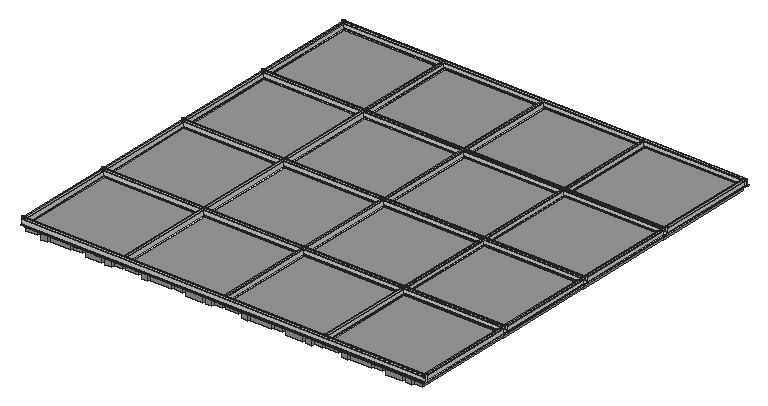
Revit family "GRD-FPG-013_TILE 003_RFA", category Modelos genéricos, Revit 2022 (continued)
Forms (in)
  Extrusion 180, solid
    sketch origin (48.02754, 154.90856, 0) x (1, 0, 0) y (0, 0, 1)
      loop
        line (0.35803, 1.68677) -> (0.39803, 1.68677)
        arc (0.39803, 1.68677) -> (0.41512, 1.67969) -> (0.42221, 1.66259) r 0.02418
      loop
        arc (0.33294, 1.7291) -> (0.34005, 1.71194) -> (0.35722, 1.70483) r 0.02428
        line (0.35722, 1.70483) -> (0.39815, 1.70483)
        arc (0.39815, 1.70483) -> (0.42797, 1.69248) -> (0.44023, 1.66266) r 0.04217
        arc (0.44023, 1.66266) -> (0.45258, 1.69248) -> (0.4824, 1.70483) r 0.04217
        line (0.4824, 1.70483) -> (0.52333, 1.70483)
        arc (0.52333, 1.70483) -> (0.54049, 1.71194) -> (0.54761, 1.7291) r 0.02428
        line (0.54761, 1.7291) -> (0.54761, 2.15016) -> (0.45704, 2.24072)
        arc (0.45704, 2.24072) -> (0.44027, 2.24767) -> (0.42351, 2.24072) r 0.02371
        line (0.42351, 2.24072) -> (0.33294, 2.15016) -> (0.33294, 1.7291)
    from 58.93614 to 81.99864
  Extrusion 181, solid
    sketch origin (72.02767, 154.90856, 0) x (1, 0, 0) y (0, 0, 1)
      loop
        line (0.42221, 1.66259) -> (0.42231, 0.67354)
        arc (0.42231, 0.67354) -> (0.41009, 0.64403) -> (0.38057, 0.6318) r 0.04174
        line (0.38057, 0.6318) -> (-0.00639, 0.6318) -> (-0.00639, 0.59057) -> (0.8874, 0.59057) -> (0.8874, 0.6318) -> (0.49998, 0.6318)
        arc (0.49998, 0.6318) -> (0.47046, 0.64403) -> (0.45824, 0.67354) r 0.04174
        line (0.45824, 0.67354) -> (0.45834, 1.66259)
        arc (0.45834, 1.66259) -> (0.46543, 1.67969) -> (0.48252, 1.68677) r 0.02418
        line (0.48252, 1.68677) -> (0.52252, 1.68677)
        arc (0.52252, 1.68677) -> (0.55303, 1.69941) -> (0.56566, 1.72991) r 0.04314
        line (0.56566, 1.72991) -> (0.56566, 2.14095)
        arc (0.56566, 2.14095) -> (0.5626, 2.15637) -> (0.55386, 2.16944) r 0.04029
        line (0.55386, 2.16944) -> (0.47053, 2.25277)
        arc (0.47053, 2.25277) -> (0.44027, 2.2653) -> (0.41002, 2.25277) r 0.04279
        line (0.41002, 2.25277) -> (0.32669, 2.16944)
        arc (0.32669, 2.16944) -> (0.31795, 2.15637) -> (0.31489, 2.14095) r 0.04029
        line (0.31489, 2.14095) -> (0.31489, 1.72991)
        arc (0.31489, 1.72991) -> (0.32752, 1.69941) -> (0.35803, 1.68677) r 0.04314
        line (0.35803, 1.68677) -> (0.39803, 1.68677)
        arc (0.39803, 1.68677) -> (0.41512, 1.67969) -> (0.42221, 1.66259) r 0.02418
      loop
        arc (0.33294, 1.7291) -> (0.34005, 1.71194) -> (0.35722, 1.70483) r 0.02428
        line (0.35722, 1.70483) -> (0.39815, 1.70483)
        arc (0.39815, 1.70483) -> (0.42797, 1.69248) -> (0.44023, 1.66266) r 0.04217
        arc (0.44023, 1.66266) -> (0.45258, 1.69248) -> (0.4824, 1.70483) r 0.04217
        line (0.4824, 1.70483) -> (0.52333, 1.70483)
        arc (0.52333, 1.70483) -> (0.54049, 1.71194) -> (0.54761, 1.7291) r 0.02428
        line (0.54761, 1.7291) -> (0.54761, 2.15016) -> (0.45704, 2.24072)
        arc (0.45704, 2.24072) -> (0.44027, 2.24767) -> (0.42351, 2.24072) r 0.02371
        line (0.42351, 2.24072) -> (0.33294, 2.15016) -> (0.33294, 1.7291)
    from 58.93614 to 81.99864
  Extrusion 182, solid
    sketch origin (96.02767, 154.90856, 0) x (1, 0, 0) y (0, 0, 1)
      loop
        line (0.42221, 1.66259) -> (0.42231, 0.67354)
        arc (0.42231, 0.67354) -> (0.41009, 0.64403) -> (0.38057, 0.6318) r 0.04174
        line (0.38057, 0.6318) -> (-0.00639, 0.6318) -> (-0.00639, 0.59057) -> (0.8874, 0.59057) -> (0.8874, 0.6318) -> (0.49998, 0.6318)
        arc (0.49998, 0.6318) -> (0.47046, 0.64403) -> (0.45824, 0.67354) r 0.04174
        line (0.45824, 0.67354) -> (0.45834, 1.66259)
        arc (0.45834, 1.66259) -> (0.46543, 1.67969) -> (0.48252, 1.68677) r 0.02418
        line (0.48252, 1.68677) -> (0.52252, 1.68677)
        arc (0.52252, 1.68677) -> (0.55303, 1.69941) -> (0.56566, 1.72991) r 0.04314
        line (0.56566, 1.72991) -> (0.56566, 2.14095)
        arc (0.56566, 2.14095) -> (0.5626, 2.15637) -> (0.55386, 2.16944) r 0.04029
        line (0.55386, 2.16944) -> (0.47053, 2.25277)
        arc (0.47053, 2.25277) -> (0.44027, 2.2653) -> (0.41002, 2.25277) r 0.04279
        line (0.41002, 2.25277) -> (0.32669, 2.16944)
        arc (0.32669, 2.16944) -> (0.31795, 2.15637) -> (0.31489, 2.14095) r 0.04029
        line (0.31489, 2.14095) -> (0.31489, 1.72991)
        arc (0.31489, 1.72991) -> (0.32752, 1.69941) -> (0.35803, 1.68677) r 0.04314
        line (0.35803, 1.68677) -> (0.39803, 1.68677)
        arc (0.39803, 1.68677) -> (0.41512, 1.67969) -> (0.42221, 1.66259) r 0.02418
      loop
        arc (0.33294, 1.7291) -> (0.34005, 1.71194) -> (0.35722, 1.70483) r 0.02428
        line (0.35722, 1.70483) -> (0.39815, 1.70483)
        arc (0.39815, 1.70483) -> (0.42797, 1.69248) -> (0.44023, 1.66266) r 0.04217
        arc (0.44023, 1.66266) -> (0.45258, 1.69248) -> (0.4824, 1.70483) r 0.04217
        line (0.4824, 1.70483) -> (0.52333, 1.70483)
        arc (0.52333, 1.70483) -> (0.54049, 1.71194) -> (0.54761, 1.7291) r 0.02428
        line (0.54761, 1.7291) -> (0.54761, 2.15016) -> (0.45704, 2.24072)
        arc (0.45704, 2.24072) -> (0.44027, 2.24767) -> (0.42351, 2.24072) r 0.02371
        line (0.42351, 2.24072) -> (0.33294, 2.15016) -> (0.33294, 1.7291)
    from 58.93614 to 81.99864
  Extrusion 183, solid
    sketch origin (24.02767, 154.90856, 0) x (1, 0, 0) y (0, 0, 1)
      loop
        line (0.42221, 1.66259) -> (0.42231, 0.67354)
        arc (0.42231, 0.67354) -> (0.41009, 0.64403) -> (0.38057, 0.6318) r 0.04174
        line (0.38057, 0.6318) -> (-0.00639, 0.6318) -> (-0.00639, 0.59057) -> (0.8874, 0.59057) -> (0.8874, 0.6318) -> (0.49998, 0.6318)
        arc (0.49998, 0.6318) -> (0.47046, 0.64403) -> (0.45824, 0.67354) r 0.04174
        line (0.45824, 0.67354) -> (0.45834, 1.66259)
        arc (0.45834, 1.66259) -> (0.46543, 1.67969) -> (0.48252, 1.68677) r 0.02418
        line (0.48252, 1.68677) -> (0.52252, 1.68677)
        arc (0.52252, 1.68677) -> (0.55303, 1.69941) -> (0.56566, 1.72991) r 0.04314
        line (0.56566, 1.72991) -> (0.56566, 2.14095)
        arc (0.56566, 2.14095) -> (0.5626, 2.15637) -> (0.55386, 2.16944) r 0.04029
        line (0.55386, 2.16944) -> (0.47053, 2.25277)
        arc (0.47053, 2.25277) -> (0.44027, 2.2653) -> (0.41002, 2.25277) r 0.04279
        line (0.41002, 2.25277) -> (0.32669, 2.16944)
        arc (0.32669, 2.16944) -> (0.31795, 2.15637) -> (0.31489, 2.14095) r 0.04029
        line (0.31489, 2.14095) -> (0.31489, 1.72991)
        arc (0.31489, 1.72991) -> (0.32752, 1.69941) -> (0.35803, 1.68677) r 0.04314
        line (0.35803, 1.68677) -> (0.39803, 1.68677)
        arc (0.39803, 1.68677) -> (0.41512, 1.67969) -> (0.42221, 1.66259) r 0.02418
      loop
        arc (0.33294, 1.7291) -> (0.34005, 1.71194) -> (0.35722, 1.70483) r 0.02428
        line (0.35722, 1.70483) -> (0.39815, 1.70483)
        arc (0.39815, 1.70483) -> (0.42797, 1.69248) -> (0.44023, 1.66266) r 0.04217
        arc (0.44023, 1.66266) -> (0.45258, 1.69248) -> (0.4824, 1.70483) r 0.04217
        line (0.4824, 1.70483) -> (0.52333, 1.70483)
        arc (0.52333, 1.70483) -> (0.54049, 1.71194) -> (0.54761, 1.7291) r 0.02428
        line (0.54761, 1.7291) -> (0.54761, 2.15016) -> (0.45704, 2.24072)
        arc (0.45704, 2.24072) -> (0.44027, 2.24767) -> (0.42351, 2.24072) r 0.02371
        line (0.42351, 2.24072) -> (0.33294, 2.15016) -> (0.33294, 1.7291)
    from 58.93614 to 81.99864
  Extrusion 184, solid
    sketch origin (0.02767, 154.90856, 0) x (1, 0, 0) y (0, 0, 1)
      loop
        line (0.42221, 1.66259) -> (0.42231, 0.67354)
        arc (0.42231, 0.67354) -> (0.41009, 0.64403) -> (0.38057, 0.6318) r 0.04174
        line (0.38057, 0.6318) -> (-0.00639, 0.6318) -> (-0.00639, 0.59057) -> (0.8874, 0.59057) -> (0.8874, 0.6318) -> (0.49998, 0.6318)
        arc (0.49998, 0.6318) -> (0.47046, 0.64403) -> (0.45824, 0.67354) r 0.04174
        line (0.45824, 0.67354) -> (0.45834, 1.66259)
        arc (0.45834, 1.66259) -> (0.46543, 1.67969) -> (0.48252, 1.68677) r 0.02418
        line (0.48252, 1.68677) -> (0.52252, 1.68677)
        arc (0.52252, 1.68677) -> (0.55303, 1.69941) -> (0.56566, 1.72991) r 0.04314
        line (0.56566, 1.72991) -> (0.56566, 2.14095)
        arc (0.56566, 2.14095) -> (0.5626, 2.15637) -> (0.55386, 2.16944) r 0.04029
        line (0.55386, 2.16944) -> (0.47053, 2.25277)
        arc (0.47053, 2.25277) -> (0.44027, 2.2653) -> (0.41002, 2.25277) r 0.04279
        line (0.41002, 2.25277) -> (0.32669, 2.16944)
        arc (0.32669, 2.16944) -> (0.31795, 2.15637) -> (0.31489, 2.14095) r 0.04029
        line (0.31489, 2.14095) -> (0.31489, 1.72991)
        arc (0.31489, 1.72991) -> (0.32752, 1.69941) -> (0.35803, 1.68677) r 0.04314
        line (0.35803, 1.68677) -> (0.39803, 1.68677)
        arc (0.39803, 1.68677) -> (0.41512, 1.67969) -> (0.42221, 1.66259) r 0.02418
      loop
        arc (0.33294, 1.7291) -> (0.34005, 1.71194) -> (0.35722, 1.70483) r 0.02428
        line (0.35722, 1.70483) -> (0.39815, 1.70483)
        arc (0.39815, 1.70483) -> (0.42797, 1.69248) -> (0.44023, 1.66266) r 0.04217
        arc (0.44023, 1.66266) -> (0.45258, 1.69248) -> (0.4824, 1.70483) r 0.04217
        line (0.4824, 1.70483) -> (0.52333, 1.70483)
        arc (0.52333, 1.70483) -> (0.54049, 1.71194) -> (0.54761, 1.7291) r 0.02428
        line (0.54761, 1.7291) -> (0.54761, 2.15016) -> (0.45704, 2.24072)
        arc (0.45704, 2.24072) -> (0.44027, 2.24767) -> (0.42351, 2.24072) r 0.02371
        line (0.42351, 2.24072) -> (0.33294, 2.15016) -> (0.33294, 1.7291)
    from 58.93614 to 81.99864
  Extrusion 185, solid
    sketch origin (48.02754, 130.90855, 0) x (1, 0, 0) y (0, 0, 1)
      loop
        line (0.42221, 1.66259) -> (0.42231, 0.67354)
        arc (0.42231, 0.67354) -> (0.41009, 0.64403) -> (0.38057, 0.6318) r 0.04174
        line (0.38057, 0.6318) -> (-0.00639, 0.6318) -> (-0.00639, 0.59057) -> (0.8874, 0.59057) -> (0.8874, 0.6318) -> (0.49998, 0.6318)
        arc (0.49998, 0.6318) -> (0.47046, 0.64403) -> (0.45824, 0.67354) r 0.04174
        line (0.45824, 0.67354) -> (0.45834, 1.66259)
        arc (0.45834, 1.66259) -> (0.46543, 1.67969) -> (0.48252, 1.68677) r 0.02418
        line (0.48252, 1.68677) -> (0.52252, 1.68677)
        arc (0.52252, 1.68677) -> (0.55303, 1.69941) -> (0.56566, 1.72991) r 0.04314
        line (0.56566, 1.72991) -> (0.56566, 2.14095)
        arc (0.56566, 2.14095) -> (0.5626, 2.15637) -> (0.55386, 2.16944) r 0.04029
        line (0.55386, 2.16944) -> (0.47053, 2.25277)
        arc (0.47053, 2.25277) -> (0.44027, 2.2653) -> (0.41002, 2.25277) r 0.04279
        line (0.41002, 2.25277) -> (0.32669, 2.16944)
        arc (0.32669, 2.16944) -> (0.31795, 2.15637) -> (0.31489, 2.14095) r 0.04029
        line (0.31489, 2.14095) -> (0.31489, 1.72991)
        arc (0.31489, 1.72991) -> (0.32752, 1.69941) -> (0.35803, 1.68677) r 0.04314
        line (0.35803, 1.68677) -> (0.39803, 1.68677)
        arc (0.39803, 1.68677) -> (0.41512, 1.67969) -> (0.42221, 1.66259) r 0.02418
      loop
        arc (0.33294, 1.7291) -> (0.34005, 1.71194) -> (0.35722, 1.70483) r 0.02428
        line (0.35722, 1.70483) -> (0.39815, 1.70483)
        arc (0.39815, 1.70483) -> (0.42797, 1.69248) -> (0.44023, 1.66266) r 0.04217
        arc (0.44023, 1.66266) -> (0.45258, 1.69248) -> (0.4824, 1.70483) r 0.04217
        line (0.4824, 1.70483) -> (0.52333, 1.70483)
        arc (0.52333, 1.70483) -> (0.54049, 1.71194) -> (0.54761, 1.7291) r 0.02428
        line (0.54761, 1.7291) -> (0.54761, 2.15016) -> (0.45704, 2.24072)
        arc (0.45704, 2.24072) -> (0.44027, 2.24767) -> (0.42351, 2.24072) r 0.02371
        line (0.42351, 2.24072) -> (0.33294, 2.15016) -> (0.33294, 1.7291)
    from 58.93614 to 81.99864
  Extrusion 186, solid
    sketch origin (72.02767, 130.90855, 0) x (1, 0, 0) y (0, 0, 1)
      loop
        line (0.42221, 1.66259) -> (0.42231, 0.67354)
        arc (0.42231, 0.67354) -> (0.41009, 0.64403) -> (0.38057, 0.6318) r 0.04174
        line (0.38057, 0.6318) -> (-0.00639, 0.6318) -> (-0.00639, 0.59057) -> (0.8874, 0.59057) -> (0.8874, 0.6318) -> (0.49998, 0.6318)
        arc (0.49998, 0.6318) -> (0.47046, 0.64403) -> (0.45824, 0.67354) r 0.04174
        line (0.45824, 0.67354) -> (0.45834, 1.66259)
        arc (0.45834, 1.66259) -> (0.46543, 1.67969) -> (0.48252, 1.68677) r 0.02418
        line (0.48252, 1.68677) -> (0.52252, 1.68677)
        arc (0.52252, 1.68677) -> (0.55303, 1.69941) -> (0.56566, 1.72991) r 0.04314
        line (0.56566, 1.72991) -> (0.56566, 2.14095)
        arc (0.56566, 2.14095) -> (0.5626, 2.15637) -> (0.55386, 2.16944) r 0.04029
        line (0.55386, 2.16944) -> (0.47053, 2.25277)
        arc (0.47053, 2.25277) -> (0.44027, 2.2653) -> (0.41002, 2.25277) r 0.04279
        line (0.41002, 2.25277) -> (0.32669, 2.16944)
        arc (0.32669, 2.16944) -> (0.31795, 2.15637) -> (0.31489, 2.14095) r 0.04029
        line (0.31489, 2.14095) -> (0.31489, 1.72991)
        arc (0.31489, 1.72991) -> (0.32752, 1.69941) -> (0.35803, 1.68677) r 0.04314
        line (0.35803, 1.68677) -> (0.39803, 1.68677)
        arc (0.39803, 1.68677) -> (0.41512, 1.67969) -> (0.42221, 1.66259) r 0.02418
      loop
        arc (0.33294, 1.7291) -> (0.34005, 1.71194) -> (0.35722, 1.70483) r 0.02428
        line (0.35722, 1.70483) -> (0.39815, 1.70483)
        arc (0.39815, 1.70483) -> (0.42797, 1.69248) -> (0.44023, 1.66266) r 0.04217
        arc (0.44023, 1.66266) -> (0.45258, 1.69248) -> (0.4824, 1.70483) r 0.04217
        line (0.4824, 1.70483) -> (0.52333, 1.70483)
        arc (0.52333, 1.70483) -> (0.54049, 1.71194) -> (0.54761, 1.7291) r 0.02428
        line (0.54761, 1.7291) -> (0.54761, 2.15016) -> (0.45704, 2.24072)
        arc (0.45704, 2.24072) -> (0.44027, 2.24767) -> (0.42351, 2.24072) r 0.02371
        line (0.42351, 2.24072) -> (0.33294, 2.15016) -> (0.33294, 1.7291)
    from 58.93614 to 81.99864
  Extrusion 187, solid
    sketch origin (96.02767, 130.90855, 0) x (1, 0, 0) y (0, 0, 1)
      loop
        line (0.42221, 1.66259) -> (0.42231, 0.67354)
        arc (0.42231, 0.67354) -> (0.41009, 0.64403) -> (0.38057, 0.6318) r 0.04174
        line (0.38057, 0.6318) -> (-0.00639, 0.6318) -> (-0.00639, 0.59057) -> (0.8874, 0.59057) -> (0.8874, 0.6318) -> (0.49998, 0.6318)
        arc (0.49998, 0.6318) -> (0.47046, 0.64403) -> (0.45824, 0.67354) r 0.04174
        line (0.45824, 0.67354) -> (0.45834, 1.66259)
        arc (0.45834, 1.66259) -> (0.46543, 1.67969) -> (0.48252, 1.68677) r 0.02418
        line (0.48252, 1.68677) -> (0.52252, 1.68677)
        arc (0.52252, 1.68677) -> (0.55303, 1.69941) -> (0.56566, 1.72991) r 0.04314
        line (0.56566, 1.72991) -> (0.56566, 2.14095)
        arc (0.56566, 2.14095) -> (0.5626, 2.15637) -> (0.55386, 2.16944) r 0.04029
        line (0.55386, 2.16944) -> (0.47053, 2.25277)
        arc (0.47053, 2.25277) -> (0.44027, 2.2653) -> (0.41002, 2.25277) r 0.04279
        line (0.41002, 2.25277) -> (0.32669, 2.16944)
        arc (0.32669, 2.16944) -> (0.31795, 2.15637) -> (0.31489, 2.14095) r 0.04029
        line (0.31489, 2.14095) -> (0.31489, 1.72991)
        arc (0.31489, 1.72991) -> (0.32752, 1.69941) -> (0.35803, 1.68677) r 0.04314
        line (0.35803, 1.68677) -> (0.39803, 1.68677)
        arc (0.39803, 1.68677) -> (0.41512, 1.67969) -> (0.42221, 1.66259) r 0.02418
      loop
        arc (0.33294, 1.7291) -> (0.34005, 1.71194) -> (0.35722, 1.70483) r 0.02428
        line (0.35722, 1.70483) -> (0.39815, 1.70483)
        arc (0.39815, 1.70483) -> (0.42797, 1.69248) -> (0.44023, 1.66266) r 0.04217
        arc (0.44023, 1.66266) -> (0.45258, 1.69248) -> (0.4824, 1.70483) r 0.04217
        line (0.4824, 1.70483) -> (0.52333, 1.70483)
        arc (0.52333, 1.70483) -> (0.54049, 1.71194) -> (0.54761, 1.7291) r 0.02428
        line (0.54761, 1.7291) -> (0.54761, 2.15016) -> (0.45704, 2.24072)
        arc (0.45704, 2.24072) -> (0.44027, 2.24767) -> (0.42351, 2.24072) r 0.02371
        line (0.42351, 2.24072) -> (0.33294, 2.15016) -> (0.33294, 1.7291)
    from 58.93614 to 81.99864
  Extrusion 188, solid
    sketch origin (24.02767, 130.90855, 0) x (1, 0, 0) y (0, 0, 1)
      loop
        line (0.42221, 1.66259) -> (0.42231, 0.67354)
        arc (0.42231, 0.67354) -> (0.41009, 0.64403) -> (0.38057, 0.6318) r 0.04174
        line (0.38057, 0.6318) -> (-0.00639, 0.6318) -> (-0.00639, 0.59057) -> (0.8874, 0.59057) -> (0.8874, 0.6318) -> (0.49998, 0.6318)
        arc (0.49998, 0.6318) -> (0.47046, 0.64403) -> (0.45824, 0.67354) r 0.04174
        line (0.45824, 0.67354) -> (0.45834, 1.66259)
        arc (0.45834, 1.66259) -> (0.46543, 1.67969) -> (0.48252, 1.68677) r 0.02418
        line (0.48252, 1.68677) -> (0.52252, 1.68677)
        arc (0.52252, 1.68677) -> (0.55303, 1.69941) -> (0.56566, 1.72991) r 0.04314
        line (0.56566, 1.72991) -> (0.56566, 2.14095)
        arc (0.56566, 2.14095) -> (0.5626, 2.15637) -> (0.55386, 2.16944) r 0.04029
        line (0.55386, 2.16944) -> (0.47053, 2.25277)
        arc (0.47053, 2.25277) -> (0.44027, 2.2653) -> (0.41002, 2.25277) r 0.04279
        line (0.41002, 2.25277) -> (0.32669, 2.16944)
        arc (0.32669, 2.16944) -> (0.31795, 2.15637) -> (0.31489, 2.14095) r 0.04029
        line (0.31489, 2.14095) -> (0.31489, 1.72991)
        arc (0.31489, 1.72991) -> (0.32752, 1.69941) -> (0.35803, 1.68677) r 0.04314
        line (0.35803, 1.68677) -> (0.39803, 1.68677)
        arc (0.39803, 1.68677) -> (0.41512, 1.67969) -> (0.42221, 1.66259) r 0.02418
      loop
        arc (0.33294, 1.7291) -> (0.34005, 1.71194) -> (0.35722, 1.70483) r 0.02428
        line (0.35722, 1.70483) -> (0.39815, 1.70483)
        arc (0.39815, 1.70483) -> (0.42797, 1.69248) -> (0.44023, 1.66266) r 0.04217
        arc (0.44023, 1.66266) -> (0.45258, 1.69248) -> (0.4824, 1.70483) r 0.04217
        line (0.4824, 1.70483) -> (0.52333, 1.70483)
        arc (0.52333, 1.70483) -> (0.54049, 1.71194) -> (0.54761, 1.7291) r 0.02428
        line (0.54761, 1.7291) -> (0.54761, 2.15016) -> (0.45704, 2.24072)
        arc (0.45704, 2.24072) -> (0.44027, 2.24767) -> (0.42351, 2.24072) r 0.02371
        line (0.42351, 2.24072) -> (0.33294, 2.15016) -> (0.33294, 1.7291)
    from 58.93614 to 81.99864
  Extrusion 189, solid
    sketch origin (0.02767, 130.90855, 0) x (1, 0, 0) y (0, 0, 1)
      loop
        line (0.42221, 1.66259) -> (0.42231, 0.67354)
        arc (0.42231, 0.67354) -> (0.41009, 0.64403) -> (0.38057, 0.6318) r 0.04174
        line (0.38057, 0.6318) -> (-0.00639, 0.6318) -> (-0.00639, 0.59057) -> (0.8874, 0.59057) -> (0.8874, 0.6318) -> (0.49998, 0.6318)
        arc (0.49998, 0.6318) -> (0.47046, 0.64403) -> (0.45824, 0.67354) r 0.04174
        line (0.45824, 0.67354) -> (0.45834, 1.66259)
        arc (0.45834, 1.66259) -> (0.46543, 1.67969) -> (0.48252, 1.68677) r 0.02418
        line (0.48252, 1.68677) -> (0.52252, 1.68677)
        arc (0.52252, 1.68677) -> (0.55303, 1.69941) -> (0.56566, 1.72991) r 0.04314
        line (0.56566, 1.72991) -> (0.56566, 2.14095)
        arc (0.56566, 2.14095) -> (0.5626, 2.15637) -> (0.55386, 2.16944) r 0.04029
        line (0.55386, 2.16944) -> (0.47053, 2.25277)
        arc (0.47053, 2.25277) -> (0.44027, 2.2653) -> (0.41002, 2.25277) r 0.04279
        line (0.41002, 2.25277) -> (0.32669, 2.16944)
        arc (0.32669, 2.16944) -> (0.31795, 2.15637) -> (0.31489, 2.14095) r 0.04029
        line (0.31489, 2.14095) -> (0.31489, 1.72991)
        arc (0.31489, 1.72991) -> (0.32752, 1.69941) -> (0.35803, 1.68677) r 0.04314
        line (0.35803, 1.68677) -> (0.39803, 1.68677)
        arc (0.39803, 1.68677) -> (0.41512, 1.67969) -> (0.42221, 1.66259) r 0.02418
      loop
        arc (0.33294, 1.7291) -> (0.34005, 1.71194) -> (0.35722, 1.70483) r 0.02428
        line (0.35722, 1.70483) -> (0.39815, 1.70483)
        arc (0.39815, 1.70483) -> (0.42797, 1.69248) -> (0.44023, 1.66266) r 0.04217
        arc (0.44023, 1.66266) -> (0.45258, 1.69248) -> (0.4824, 1.70483) r 0.04217
        line (0.4824, 1.70483) -> (0.52333, 1.70483)
        arc (0.52333, 1.70483) -> (0.54049, 1.71194) -> (0.54761, 1.7291) r 0.02428
        line (0.54761, 1.7291) -> (0.54761, 2.15016) -> (0.45704, 2.24072)
        arc (0.45704, 2.24072) -> (0.44027, 2.24767) -> (0.42351, 2.24072) r 0.02371
        line (0.42351, 2.24072) -> (0.33294, 2.15016) -> (0.33294, 1.7291)
    from 58.93614 to 81.99864
  Extrusion 190, solid
    sketch origin (48.02754, 106.90856, 0) x (1, 0, 0) y (0, 0, 1)
      loop
        line (0.42221, 1.66259) -> (0.42231, 0.67354)
        arc (0.42231, 0.67354) -> (0.41009, 0.64403) -> (0.38057, 0.6318) r 0.04174
        line (0.38057, 0.6318) -> (-0.00639, 0.6318) -> (-0.00639, 0.59057) -> (0.8874, 0.59057) -> (0.8874, 0.6318) -> (0.49998, 0.6318)
        arc (0.49998, 0.6318) -> (0.47046, 0.64403) -> (0.45824, 0.67354) r 0.04174
        line (0.45824, 0.67354) -> (0.45834, 1.66259)
        arc (0.45834, 1.66259) -> (0.46543, 1.67969) -> (0.48252, 1.68677) r 0.02418
        line (0.48252, 1.68677) -> (0.52252, 1.68677)
        arc (0.52252, 1.68677) -> (0.55303, 1.69941) -> (0.56566, 1.72991) r 0.04314
        line (0.56566, 1.72991) -> (0.56566, 2.14095)
        arc (0.56566, 2.14095) -> (0.5626, 2.15637) -> (0.55386, 2.16944) r 0.04029
        line (0.55386, 2.16944) -> (0.47053, 2.25277)
        arc (0.47053, 2.25277) -> (0.44027, 2.2653) -> (0.41002, 2.25277) r 0.04279
        line (0.41002, 2.25277) -> (0.32669, 2.16944)
        arc (0.32669, 2.16944) -> (0.31795, 2.15637) -> (0.31489, 2.14095) r 0.04029
        line (0.31489, 2.14095) -> (0.31489, 1.72991)
        arc (0.31489, 1.72991) -> (0.32752, 1.69941) -> (0.35803, 1.68677) r 0.04314
        line (0.35803, 1.68677) -> (0.39803, 1.68677)
        arc (0.39803, 1.68677) -> (0.41512, 1.67969) -> (0.42221, 1.66259) r 0.02418
      loop
        arc (0.33294, 1.7291) -> (0.34005, 1.71194) -> (0.35722, 1.70483) r 0.02428
        line (0.35722, 1.70483) -> (0.39815, 1.70483)
        arc (0.39815, 1.70483) -> (0.42797, 1.69248) -> (0.44023, 1.66266) r 0.04217
        arc (0.44023, 1.66266) -> (0.45258, 1.69248) -> (0.4824, 1.70483) r 0.04217
        line (0.4824, 1.70483) -> (0.52333, 1.70483)
        arc (0.52333, 1.70483) -> (0.54049, 1.71194) -> (0.54761, 1.7291) r 0.02428
        line (0.54761, 1.7291) -> (0.54761, 2.15016) -> (0.45704, 2.24072)
        arc (0.45704, 2.24072) -> (0.44027, 2.24767) -> (0.42351, 2.24072) r 0.02371
        line (0.42351, 2.24072) -> (0.33294, 2.15016) -> (0.33294, 1.7291)
    from 58.93614 to 81.99864
  Extrusion 191, solid
    sketch origin (72.02767, 106.90856, 0) x (1, 0, 0) y (0, 0, 1)
      loop
        line (0.42221, 1.66259) -> (0.42231, 0.67354)
        arc (0.42231, 0.67354) -> (0.41009, 0.64403) -> (0.38057, 0.6318) r 0.04174
        line (0.38057, 0.6318) -> (-0.00639, 0.6318) -> (-0.00639, 0.59057) -> (0.8874, 0.59057) -> (0.8874, 0.6318) -> (0.49998, 0.6318)
        arc (0.49998, 0.6318) -> (0.47046, 0.64403) -> (0.45824, 0.67354) r 0.04174
        line (0.45824, 0.67354) -> (0.45834, 1.66259)
        arc (0.45834, 1.66259) -> (0.46543, 1.67969) -> (0.48252, 1.68677) r 0.02418
        line (0.48252, 1.68677) -> (0.52252, 1.68677)
        arc (0.52252, 1.68677) -> (0.55303, 1.69941) -> (0.56566, 1.72991) r 0.04314
        line (0.56566, 1.72991) -> (0.56566, 2.14095)
        arc (0.56566, 2.14095) -> (0.5626, 2.15637) -> (0.55386, 2.16944) r 0.04029
        line (0.55386, 2.16944) -> (0.47053, 2.25277)
        arc (0.47053, 2.25277) -> (0.44027, 2.2653) -> (0.41002, 2.25277) r 0.04279
        line (0.41002, 2.25277) -> (0.32669, 2.16944)
        arc (0.32669, 2.16944) -> (0.31795, 2.15637) -> (0.31489, 2.14095) r 0.04029
        line (0.31489, 2.14095) -> (0.31489, 1.72991)
        arc (0.31489, 1.72991) -> (0.32752, 1.69941) -> (0.35803, 1.68677) r 0.04314
        line (0.35803, 1.68677) -> (0.39803, 1.68677)
        arc (0.39803, 1.68677) -> (0.41512, 1.67969) -> (0.42221, 1.66259) r 0.02418
      loop
        arc (0.33294, 1.7291) -> (0.34005, 1.71194) -> (0.35722, 1.70483) r 0.02428
        line (0.35722, 1.70483) -> (0.39815, 1.70483)
        arc (0.39815, 1.70483) -> (0.42797, 1.69248) -> (0.44023, 1.66266) r 0.04217
        arc (0.44023, 1.66266) -> (0.45258, 1.69248) -> (0.4824, 1.70483) r 0.04217
        line (0.4824, 1.70483) -> (0.52333, 1.70483)
        arc (0.52333, 1.70483) -> (0.54049, 1.71194) -> (0.54761, 1.7291) r 0.02428
        line (0.54761, 1.7291) -> (0.54761, 2.15016) -> (0.45704, 2.24072)
        arc (0.45704, 2.24072) -> (0.44027, 2.24767) -> (0.42351, 2.24072) r 0.02371
        line (0.42351, 2.24072) -> (0.33294, 2.15016) -> (0.33294, 1.7291)
    from 58.93614 to 81.99864
  Extrusion 192, solid
    sketch origin (96.02767, 106.90856, 0) x (1, 0, 0) y (0, 0, 1)
      loop
        line (0.42221, 1.66259) -> (0.42231, 0.67354)
        arc (0.42231, 0.67354) -> (0.41009, 0.64403) -> (0.38057, 0.6318) r 0.04174
        line (0.38057, 0.6318) -> (-0.00639, 0.6318) -> (-0.00639, 0.59057) -> (0.8874, 0.59057) -> (0.8874, 0.6318) -> (0.49998, 0.6318)
        arc (0.49998, 0.6318) -> (0.47046, 0.64403) -> (0.45824, 0.67354) r 0.04174
        line (0.45824, 0.67354) -> (0.45834, 1.66259)
        arc (0.45834, 1.66259) -> (0.46543, 1.67969) -> (0.48252, 1.68677) r 0.02418
        line (0.48252, 1.68677) -> (0.52252, 1.68677)
        arc (0.52252, 1.68677) -> (0.55303, 1.69941) -> (0.56566, 1.72991) r 0.04314
        line (0.56566, 1.72991) -> (0.56566, 2.14095)
        arc (0.56566, 2.14095) -> (0.5626, 2.15637) -> (0.55386, 2.16944) r 0.04029
        line (0.55386, 2.16944) -> (0.47053, 2.25277)
        arc (0.47053, 2.25277) -> (0.44027, 2.2653) -> (0.41002, 2.25277) r 0.04279
        line (0.41002, 2.25277) -> (0.32669, 2.16944)
        arc (0.32669, 2.16944) -> (0.31795, 2.15637) -> (0.31489, 2.14095) r 0.04029
        line (0.31489, 2.14095) -> (0.31489, 1.72991)
        arc (0.31489, 1.72991) -> (0.32752, 1.69941) -> (0.35803, 1.68677) r 0.04314
        line (0.35803, 1.68677) -> (0.39803, 1.68677)
        arc (0.39803, 1.68677) -> (0.41512, 1.67969) -> (0.42221, 1.66259) r 0.02418
      loop
        arc (0.33294, 1.7291) -> (0.34005, 1.71194) -> (0.35722, 1.70483) r 0.02428
        line (0.35722, 1.70483) -> (0.39815, 1.70483)
        arc (0.39815, 1.70483) -> (0.42797, 1.69248) -> (0.44023, 1.66266) r 0.04217
        arc (0.44023, 1.66266) -> (0.45258, 1.69248) -> (0.4824, 1.70483) r 0.04217
        line (0.4824, 1.70483) -> (0.52333, 1.70483)
        arc (0.52333, 1.70483) -> (0.54049, 1.71194) -> (0.54761, 1.7291) r 0.02428
        line (0.54761, 1.7291) -> (0.54761, 2.15016) -> (0.45704, 2.24072)
        arc (0.45704, 2.24072) -> (0.44027, 2.24767) -> (0.42351, 2.24072) r 0.02371
        line (0.42351, 2.24072) -> (0.33294, 2.15016) -> (0.33294, 1.7291)
    from 58.93614 to 81.99864
  Extrusion 193, solid
    sketch origin (24.02767, 106.90856, 0) x (1, 0, 0) y (0, 0, 1)
      loop
        line (0.42221, 1.66259) -> (0.42231, 0.67354)
        arc (0.42231, 0.67354) -> (0.41009, 0.64403) -> (0.38057, 0.6318) r 0.04174
        line (0.38057, 0.6318) -> (-0.00639, 0.6318) -> (-0.00639, 0.59057) -> (0.8874, 0.59057) -> (0.8874, 0.6318) -> (0.49998, 0.6318)
        arc (0.49998, 0.6318) -> (0.47046, 0.64403) -> (0.45824, 0.67354) r 0.04174
        line (0.45824, 0.67354) -> (0.45834, 1.66259)
        arc (0.45834, 1.66259) -> (0.46543, 1.67969) -> (0.48252, 1.68677) r 0.02418
        line (0.48252, 1.68677) -> (0.52252, 1.68677)
        arc (0.52252, 1.68677) -> (0.55303, 1.69941) -> (0.56566, 1.72991) r 0.04314
        line (0.56566, 1.72991) -> (0.56566, 2.14095)
        arc (0.56566, 2.14095) -> (0.5626, 2.15637) -> (0.55386, 2.16944) r 0.04029
        line (0.55386, 2.16944) -> (0.47053, 2.25277)
        arc (0.47053, 2.25277) -> (0.44027, 2.2653) -> (0.41002, 2.25277) r 0.04279
        line (0.41002, 2.25277) -> (0.32669, 2.16944)
        arc (0.32669, 2.16944) -> (0.31795, 2.15637) -> (0.31489, 2.14095) r 0.04029
        line (0.31489, 2.14095) -> (0.31489, 1.72991)
        arc (0.31489, 1.72991) -> (0.32752, 1.69941) -> (0.35803, 1.68677) r 0.04314
        line (0.35803, 1.68677) -> (0.39803, 1.68677)
        arc (0.39803, 1.68677) -> (0.41512, 1.67969) -> (0.42221, 1.66259) r 0.02418
      loop
        arc (0.33294, 1.7291) -> (0.34005, 1.71194) -> (0.35722, 1.70483) r 0.02428
        line (0.35722, 1.70483) -> (0.39815, 1.70483)
        arc (0.39815, 1.70483) -> (0.42797, 1.69248) -> (0.44023, 1.66266) r 0.04217
        arc (0.44023, 1.66266) -> (0.45258, 1.69248) -> (0.4824, 1.70483) r 0.04217
        line (0.4824, 1.70483) -> (0.52333, 1.70483)
        arc (0.52333, 1.70483) -> (0.54049, 1.71194) -> (0.54761, 1.7291) r 0.02428
        line (0.54761, 1.7291) -> (0.54761, 2.15016) -> (0.45704, 2.24072)
        arc (0.45704, 2.24072) -> (0.44027, 2.24767) -> (0.42351, 2.24072) r 0.02371
        line (0.42351, 2.24072) -> (0.33294, 2.15016) -> (0.33294, 1.7291)
    from 58.93614 to 81.99864
  Extrusion 194, solid
    sketch origin (0.02767, 106.90856, 0) x (1, 0, 0) y (0, 0, 1)
      loop
        line (0.42221, 1.66259) -> (0.42231, 0.67354)
        arc (0.42231, 0.67354) -> (0.41009, 0.64403) -> (0.38057, 0.6318) r 0.04174
        line (0.38057, 0.6318) -> (-0.00639, 0.6318) -> (-0.00639, 0.59057) -> (0.8874, 0.59057) -> (0.8874, 0.6318) -> (0.49998, 0.6318)
        arc (0.49998, 0.6318) -> (0.47046, 0.64403) -> (0.45824, 0.67354) r 0.04174
        line (0.45824, 0.67354) -> (0.45834, 1.66259)
        arc (0.45834, 1.66259) -> (0.46543, 1.67969) -> (0.48252, 1.68677) r 0.02418
        line (0.48252, 1.68677) -> (0.52252, 1.68677)
        arc (0.52252, 1.68677) -> (0.55303, 1.69941) -> (0.56566, 1.72991) r 0.04314
        line (0.56566, 1.72991) -> (0.56566, 2.14095)
        arc (0.56566, 2.14095) -> (0.5626, 2.15637) -> (0.55386, 2.16944) r 0.04029
        line (0.55386, 2.16944) -> (0.47053, 2.25277)
        arc (0.47053, 2.25277) -> (0.44027, 2.2653) -> (0.41002, 2.25277) r 0.04279
        line (0.41002, 2.25277) -> (0.32669, 2.16944)
        arc (0.32669, 2.16944) -> (0.31795, 2.15637) -> (0.31489, 2.14095) r 0.04029
        line (0.31489, 2.14095) -> (0.31489, 1.72991)
        arc (0.31489, 1.72991) -> (0.32752, 1.69941) -> (0.35803, 1.68677) r 0.04314
        line (0.35803, 1.68677) -> (0.39803, 1.68677)
        arc (0.39803, 1.68677) -> (0.41512, 1.67969) -> (0.42221, 1.66259) r 0.02418
      loop
        arc (0.33294, 1.7291) -> (0.34005, 1.71194) -> (0.35722, 1.70483) r 0.02428
        line (0.35722, 1.70483) -> (0.39815, 1.70483)
        arc (0.39815, 1.70483) -> (0.42797, 1.69248) -> (0.44023, 1.66266) r 0.04217
        arc (0.44023, 1.66266) -> (0.45258, 1.69248) -> (0.4824, 1.70483) r 0.04217
        line (0.4824, 1.70483) -> (0.52333, 1.70483)
        arc (0.52333, 1.70483) -> (0.54049, 1.71194) -> (0.54761, 1.7291) r 0.02428
        line (0.54761, 1.7291) -> (0.54761, 2.15016) -> (0.45704, 2.24072)
        arc (0.45704, 2.24072) -> (0.44027, 2.24767) -> (0.42351, 2.24072) r 0.02371
        line (0.42351, 2.24072) -> (0.33294, 2.15016) -> (0.33294, 1.7291)
    from 58.93614 to 81.99864
  Extrusion 195, solid
    sketch origin (48.02754, 82.90856, 0) x (1, 0, 0) y (0, 0, 1)
      loop
        line (0.42221, 1.66259) -> (0.42231, 0.67354)
        arc (0.42231, 0.67354) -> (0.41009, 0.64403) -> (0.38057, 0.6318) r 0.04174
        line (0.38057, 0.6318) -> (-0.00639, 0.6318) -> (-0.00639, 0.59057) -> (0.8874, 0.59057) -> (0.8874, 0.6318) -> (0.49998, 0.6318)
        arc (0.49998, 0.6318) -> (0.47046, 0.64403) -> (0.45824, 0.67354) r 0.04174
        line (0.45824, 0.67354) -> (0.45834, 1.66259)
        arc (0.45834, 1.66259) -> (0.46543, 1.67969) -> (0.48252, 1.68677) r 0.02418
        line (0.48252, 1.68677) -> (0.52252, 1.68677)
        arc (0.52252, 1.68677) -> (0.55303, 1.69941) -> (0.56566, 1.72991) r 0.04314
        line (0.56566, 1.72991) -> (0.56566, 2.14095)
        arc (0.56566, 2.14095) -> (0.5626, 2.15637) -> (0.55386, 2.16944) r 0.04029
        line (0.55386, 2.16944) -> (0.47053, 2.25277)
        arc (0.47053, 2.25277) -> (0.44027, 2.2653) -> (0.41002, 2.25277) r 0.04279
        line (0.41002, 2.25277) -> (0.32669, 2.16944)
        arc (0.32669, 2.16944) -> (0.31795, 2.15637) -> (0.31489, 2.14095) r 0.04029
        line (0.31489, 2.14095) -> (0.31489, 1.72991)
        arc (0.31489, 1.72991) -> (0.32752, 1.69941) -> (0.35803, 1.68677) r 0.04314
        line (0.35803, 1.68677) -> (0.39803, 1.68677)
        arc (0.39803, 1.68677) -> (0.41512, 1.67969) -> (0.42221, 1.66259) r 0.02418
      loop
        arc (0.33294, 1.7291) -> (0.34005, 1.71194) -> (0.35722, 1.70483) r 0.02428
        line (0.35722, 1.70483) -> (0.39815, 1.70483)
        arc (0.39815, 1.70483) -> (0.42797, 1.69248) -> (0.44023, 1.66266) r 0.04217
        arc (0.44023, 1.66266) -> (0.45258, 1.69248) -> (0.4824, 1.70483) r 0.04217
        line (0.4824, 1.70483) -> (0.52333, 1.70483)
        arc (0.52333, 1.70483) -> (0.54049, 1.71194) -> (0.54761, 1.7291) r 0.02428
        line (0.54761, 1.7291) -> (0.54761, 2.15016) -> (0.45704, 2.24072)
        arc (0.45704, 2.24072) -> (0.44027, 2.24767) -> (0.42351, 2.24072) r 0.02371
        line (0.42351, 2.24072) -> (0.33294, 2.15016) -> (0.33294, 1.7291)
    from 58.93614 to 81.99864
  Extrusion 196, solid
    sketch origin (72.02767, 82.90856, 0) x (1, 0, 0) y (0, 0, 1)
      loop
        line (0.42221, 1.66259) -> (0.42231, 0.67354)
        arc (0.42231, 0.67354) -> (0.41009, 0.64403) -> (0.38057, 0.6318) r 0.04174
        line (0.38057, 0.6318) -> (-0.00639, 0.6318) -> (-0.00639, 0.59057) -> (0.8874, 0.59057) -> (0.8874, 0.6318) -> (0.49998, 0.6318)
        arc (0.49998, 0.6318) -> (0.47046, 0.64403) -> (0.45824, 0.67354) r 0.04174
        line (0.45824, 0.67354) -> (0.45834, 1.66259)
        arc (0.45834, 1.66259) -> (0.46543, 1.67969) -> (0.48252, 1.68677) r 0.02418
        line (0.48252, 1.68677) -> (0.52252, 1.68677)
        arc (0.52252, 1.68677) -> (0.55303, 1.69941) -> (0.56566, 1.72991) r 0.04314
        line (0.56566, 1.72991) -> (0.56566, 2.14095)
        arc (0.56566, 2.14095) -> (0.5626, 2.15637) -> (0.55386, 2.16944) r 0.04029
        line (0.55386, 2.16944) -> (0.47053, 2.25277)
        arc (0.47053, 2.25277) -> (0.44027, 2.2653) -> (0.41002, 2.25277) r 0.04279
        line (0.41002, 2.25277) -> (0.32669, 2.16944)
        arc (0.32669, 2.16944) -> (0.31795, 2.15637) -> (0.31489, 2.14095) r 0.04029
        line (0.31489, 2.14095) -> (0.31489, 1.72991)
        arc (0.31489, 1.72991) -> (0.32752, 1.69941) -> (0.35803, 1.68677) r 0.04314
        line (0.35803, 1.68677) -> (0.39803, 1.68677)
        arc (0.39803, 1.68677) -> (0.41512, 1.67969) -> (0.42221, 1.66259) r 0.02418
      loop
        arc (0.33294, 1.7291) -> (0.34005, 1.71194) -> (0.35722, 1.70483) r 0.02428
        line (0.35722, 1.70483) -> (0.39815, 1.70483)
        arc (0.39815, 1.70483) -> (0.42797, 1.69248) -> (0.44023, 1.66266) r 0.04217
        arc (0.44023, 1.66266) -> (0.45258, 1.69248) -> (0.4824, 1.70483) r 0.04217
        line (0.4824, 1.70483) -> (0.52333, 1.70483)
        arc (0.52333, 1.70483) -> (0.54049, 1.71194) -> (0.54761, 1.7291) r 0.02428
        line (0.54761, 1.7291) -> (0.54761, 2.15016) -> (0.45704, 2.24072)
        arc (0.45704, 2.24072) -> (0.44027, 2.24767) -> (0.42351, 2.24072) r 0.02371
        line (0.42351, 2.24072) -> (0.33294, 2.15016) -> (0.33294, 1.7291)
    from 58.93614 to 81.99864
  Extrusion 197, solid
    sketch origin (96.02767, 82.90856, 0) x (1, 0, 0) y (0, 0, 1)
      loop
        line (0.42221, 1.66259) -> (0.42231, 0.67354)
        arc (0.42231, 0.67354) -> (0.41009, 0.64403) -> (0.38057, 0.6318) r 0.04174
        line (0.38057, 0.6318) -> (-0.00639, 0.6318) -> (-0.00639, 0.59057) -> (0.8874, 0.59057) -> (0.8874, 0.6318) -> (0.49998, 0.6318)
        arc (0.49998, 0.6318) -> (0.47046, 0.64403) -> (0.45824, 0.67354) r 0.04174
        line (0.45824, 0.67354) -> (0.45834, 1.66259)
        arc (0.45834, 1.66259) -> (0.46543, 1.67969) -> (0.48252, 1.68677) r 0.02418
        line (0.48252, 1.68677) -> (0.52252, 1.68677)
        arc (0.52252, 1.68677) -> (0.55303, 1.69941) -> (0.56566, 1.72991) r 0.04314
        line (0.56566, 1.72991) -> (0.56566, 2.14095)
        arc (0.56566, 2.14095) -> (0.5626, 2.15637) -> (0.55386, 2.16944) r 0.04029
        line (0.55386, 2.16944) -> (0.47053, 2.25277)
        arc (0.47053, 2.25277) -> (0.44027, 2.2653) -> (0.41002, 2.25277) r 0.04279
        line (0.41002, 2.25277) -> (0.32669, 2.16944)
        arc (0.32669, 2.16944) -> (0.31795, 2.15637) -> (0.31489, 2.14095) r 0.04029
        line (0.31489, 2.14095) -> (0.31489, 1.72991)
        arc (0.31489, 1.72991) -> (0.32752, 1.69941) -> (0.35803, 1.68677) r 0.04314
        line (0.35803, 1.68677) -> (0.39803, 1.68677)
        arc (0.39803, 1.68677) -> (0.41512, 1.67969) -> (0.42221, 1.66259) r 0.02418
      loop
        arc (0.33294, 1.7291) -> (0.34005, 1.71194) -> (0.35722, 1.70483) r 0.02428
        line (0.35722, 1.70483) -> (0.39815, 1.70483)
        arc (0.39815, 1.70483) -> (0.42797, 1.69248) -> (0.44023, 1.66266) r 0.04217
        arc (0.44023, 1.66266) -> (0.45258, 1.69248) -> (0.4824, 1.70483) r 0.04217
        line (0.4824, 1.70483) -> (0.52333, 1.70483)
        arc (0.52333, 1.70483) -> (0.54049, 1.71194) -> (0.54761, 1.7291) r 0.02428
        line (0.54761, 1.7291) -> (0.54761, 2.15016) -> (0.45704, 2.24072)
        arc (0.45704, 2.24072) -> (0.44027, 2.24767) -> (0.42351, 2.24072) r 0.02371
        line (0.42351, 2.24072) -> (0.33294, 2.15016) -> (0.33294, 1.7291)
    from 58.93614 to 81.99864
  Extrusion 198, solid
    sketch origin (24.02767, 82.90856, 0) x (1, 0, 0) y (0, 0, 1)
      loop
        line (0.42221, 1.66259) -> (0.42231, 0.67354)
        arc (0.42231, 0.67354) -> (0.41009, 0.64403) -> (0.38057, 0.6318) r 0.04174
        line (0.38057, 0.6318) -> (-0.00639, 0.6318) -> (-0.00639, 0.59057) -> (0.8874, 0.59057) -> (0.8874, 0.6318) -> (0.49998, 0.6318)
        arc (0.49998, 0.6318) -> (0.47046, 0.64403) -> (0.45824, 0.67354) r 0.04174
        line (0.45824, 0.67354) -> (0.45834, 1.66259)
        arc (0.45834, 1.66259) -> (0.46543, 1.67969) -> (0.48252, 1.68677) r 0.02418
        line (0.48252, 1.68677) -> (0.52252, 1.68677)
        arc (0.52252, 1.68677) -> (0.55303, 1.69941) -> (0.56566, 1.72991) r 0.04314
        line (0.56566, 1.72991) -> (0.56566, 2.14095)
        arc (0.56566, 2.14095) -> (0.5626, 2.15637) -> (0.55386, 2.16944) r 0.04029
        line (0.55386, 2.16944) -> (0.47053, 2.25277)
        arc (0.47053, 2.25277) -> (0.44027, 2.2653) -> (0.41002, 2.25277) r 0.04279
        line (0.41002, 2.25277) -> (0.32669, 2.16944)
        arc (0.32669, 2.16944) -> (0.31795, 2.15637) -> (0.31489, 2.14095) r 0.04029
        line (0.31489, 2.14095) -> (0.31489, 1.72991)
        arc (0.31489, 1.72991) -> (0.32752, 1.69941) -> (0.35803, 1.68677) r 0.04314
        line (0.35803, 1.68677) -> (0.39803, 1.68677)
        arc (0.39803, 1.68677) -> (0.41512, 1.67969) -> (0.42221, 1.66259) r 0.02418
      loop
        arc (0.33294, 1.7291) -> (0.34005, 1.71194) -> (0.35722, 1.70483) r 0.02428
        line (0.35722, 1.70483) -> (0.39815, 1.70483)
        arc (0.39815, 1.70483) -> (0.42797, 1.69248) -> (0.44023, 1.66266) r 0.04217
        arc (0.44023, 1.66266) -> (0.45258, 1.69248) -> (0.4824, 1.70483) r 0.04217
        line (0.4824, 1.70483) -> (0.52333, 1.70483)
        arc (0.52333, 1.70483) -> (0.54049, 1.71194) -> (0.54761, 1.7291) r 0.02428
        line (0.54761, 1.7291) -> (0.54761, 2.15016) -> (0.45704, 2.24072)
        arc (0.45704, 2.24072) -> (0.44027, 2.24767) -> (0.42351, 2.24072) r 0.02371
        line (0.42351, 2.24072) -> (0.33294, 2.15016) -> (0.33294, 1.7291)
    from 58.93614 to 81.99864
  Extrusion 199, solid
    sketch origin (0.02767, 82.90856, 0) x (1, 0, 0) y (0, 0, 1)
      loop
        line (0.42221, 1.66259) -> (0.42231, 0.67354)
        arc (0.42231, 0.67354) -> (0.41009, 0.64403) -> (0.38057, 0.6318) r 0.04174
        line (0.38057, 0.6318) -> (-0.00639, 0.6318) -> (-0.00639, 0.59057) -> (0.8874, 0.59057) -> (0.8874, 0.6318) -> (0.49998, 0.6318)
        arc (0.49998, 0.6318) -> (0.47046, 0.64403) -> (0.45824, 0.67354) r 0.04174
        line (0.45824, 0.67354) -> (0.45834, 1.66259)
        arc (0.45834, 1.66259) -> (0.46543, 1.67969) -> (0.48252, 1.68677) r 0.02418
        line (0.48252, 1.68677) -> (0.52252, 1.68677)
        arc (0.52252, 1.68677) -> (0.55303, 1.69941) -> (0.56566, 1.72991) r 0.04314
        line (0.56566, 1.72991) -> (0.56566, 2.14095)
        arc (0.56566, 2.14095) -> (0.5626, 2.15637) -> (0.55386, 2.16944) r 0.04029
        line (0.55386, 2.16944) -> (0.47053, 2.25277)
        arc (0.47053, 2.25277) -> (0.44027, 2.2653) -> (0.41002, 2.25277) r 0.04279
        line (0.41002, 2.25277) -> (0.32669, 2.16944)
        arc (0.32669, 2.16944) -> (0.31795, 2.15637) -> (0.31489, 2.14095) r 0.04029
        line (0.31489, 2.14095) -> (0.31489, 1.72991)
        arc (0.31489, 1.72991) -> (0.32752, 1.69941) -> (0.35803, 1.68677) r 0.04314
        line (0.35803, 1.68677) -> (0.39803, 1.68677)
        arc (0.39803, 1.68677) -> (0.41512, 1.67969) -> (0.42221, 1.66259) r 0.02418
      loop
        arc (0.33294, 1.7291) -> (0.34005, 1.71194) -> (0.35722, 1.70483) r 0.02428
        line (0.35722, 1.70483) -> (0.39815, 1.70483)
        arc (0.39815, 1.70483) -> (0.42797, 1.69248) -> (0.44023, 1.66266) r 0.04217
        arc (0.44023, 1.66266) -> (0.45258, 1.69248) -> (0.4824, 1.70483) r 0.04217
        line (0.4824, 1.70483) -> (0.52333, 1.70483)
        arc (0.52333, 1.70483) -> (0.54049, 1.71194) -> (0.54761, 1.7291) r 0.02428
        line (0.54761, 1.7291) -> (0.54761, 2.15016) -> (0.45704, 2.24072)
        arc (0.45704, 2.24072) -> (0.44027, 2.24767) -> (0.42351, 2.24072) r 0.02371
        line (0.42351, 2.24072) -> (0.33294, 2.15016) -> (0.33294, 1.7291)
    from 58.93614 to 81.99864
  Extrusion 200, solid, not visible
    sketch origin (0, 0, 0) x (1, 0, 0) y (0, 1, 0)
      loop
        line (24.34376, 0.56617) -> (24.34376, 24.31617) -> (0.59376, 24.31617) -> (0.59376, 0.56617) -> (24.34376, 0.56617)
    from 0.11811 to 0.59055
  Extrusion 201, solid, not visible
    sketch origin (0, 0, 0) x (1, 0, 0) y (0, 1, 0)
      loop
        line (24.34376, 0.56617) -> (24.34376, 24.31617) -> (0.59376, 24.31617) -> (0.59376, 0.56617) -> (24.34376, 0.56617)
    from 0 to 0.11811
  Extrusion 202, solid, not visible
    sketch origin (24, 0, 0) x (1, 0, 0) y (0, 1, 0)
      loop
        line (24.34376, 0.56617) -> (24.34376, 24.31617) -> (0.59376, 24.31617) -> (0.59376, 0.56617) -> (24.34376, 0.56617)
    from 0.11811 to 0.59055
  Extrusion 203, solid, not visible
    sketch origin (24, 0, 0) x (1, 0, 0) y (0, 1, 0)
      loop
        line (24.34376, 0.56617) -> (24.34376, 24.31617) -> (0.59376, 24.31617) -> (0.59376, 0.56617) -> (24.34376, 0.56617)
    from 0 to 0.11811
  Extrusion 204, solid, not visible
    sketch origin (48, 0, 0) x (1, 0, 0) y (0, 1, 0)
      loop
        line (24.34376, 0.56617) -> (24.34376, 24.31617) -> (0.59376, 24.31617) -> (0.59376, 0.56617) -> (24.34376, 0.56617)
    from 0.11811 to 0.59055
  Extrusion 205, solid, not visible
    sketch origin (48, 0, 0) x (1, 0, 0) y (0, 1, 0)
      loop
        line (24.34376, 0.56617) -> (24.34376, 24.31617) -> (0.59376, 24.31617) -> (0.59376, 0.56617) -> (24.34376, 0.56617)
    from 0 to 0.11811
  Extrusion 206, solid, not visible
    sketch origin (72, 0, 0) x (1, 0, 0) y (0, 1, 0)
      loop
        line (24.34376, 0.56617) -> (24.34376, 24.31617) -> (0.59376, 24.31617) -> (0.59376, 0.56617) -> (24.34376, 0.56617)
    from 0.11811 to 0.59055
  Extrusion 207, solid, not visible
    sketch origin (72, 0, 0) x (1, 0, 0) y (0, 1, 0)
      loop
        line (24.34376, 0.56617) -> (24.34376, 24.31617) -> (0.59376, 24.31617) -> (0.59376, 0.56617) -> (24.34376, 0.56617)
    from 0 to 0.11811
  Extrusion 208, solid, not visible
    sketch origin (0, 24, 0) x (1, 0, 0) y (0, 1, 0)
      loop
        line (24.34376, 0.56617) -> (24.34376, 24.31617) -> (0.59376, 24.31617) -> (0.59376, 0.56617) -> (24.34376, 0.56617)
    from 0.11811 to 0.59055
  Extrusion 209, solid, not visible
    sketch origin (0, 24, 0) x (1, 0, 0) y (0, 1, 0)
      loop
        line (24.34376, 0.56617) -> (24.34376, 24.31617) -> (0.59376, 24.31617) -> (0.59376, 0.56617) -> (24.34376, 0.56617)
    from 0 to 0.11811
  Extrusion 210, solid, not visible
    sketch origin (24, 24, 0) x (1, 0, 0) y (0, 1, 0)
      loop
        line (24.34376, 0.56617) -> (24.34376, 24.31617) -> (0.59376, 24.31617) -> (0.59376, 0.56617) -> (24.34376, 0.56617)
    from 0.11811 to 0.59055
  Extrusion 211, solid, not visible
    sketch origin (24, 24, 0) x (1, 0, 0) y (0, 1, 0)
      loop
        line (24.34376, 0.56617) -> (24.34376, 24.31617) -> (0.59376, 24.31617) -> (0.59376, 0.56617) -> (24.34376, 0.56617)
    from 0 to 0.11811
  Extrusion 212, solid, not visible
    sketch origin (48, 24, 0) x (1, 0, 0) y (0, 1, 0)
      loop
        line (24.34376, 0.56617) -> (24.34376, 24.31617) -> (0.59376, 24.31617) -> (0.59376, 0.56617) -> (24.34376, 0.56617)
    from 0.11811 to 0.59055
  Extrusion 213, solid, not visible
    sketch origin (48, 24, 0) x (1, 0, 0) y (0, 1, 0)
      loop
        line (24.34376, 0.56617) -> (24.34376, 24.31617) -> (0.59376, 24.31617) -> (0.59376, 0.56617) -> (24.34376, 0.56617)
    from 0 to 0.11811
  Extrusion 214, solid, not visible
    sketch origin (72, 24, 0) x (1, 0, 0) y (0, 1, 0)
      loop
        line (24.34376, 0.56617) -> (24.34376, 24.31617) -> (0.59376, 24.31617) -> (0.59376, 0.56617) -> (24.34376, 0.56617)
    from 0.11811 to 0.59055
  Extrusion 215, solid, not visible
    sketch origin (72, 24, 0) x (1, 0, 0) y (0, 1, 0)
      loop
        line (24.34376, 0.56617) -> (24.34376, 24.31617) -> (0.59376, 24.31617) -> (0.59376, 0.56617) -> (24.34376, 0.56617)
    from 0 to 0.11811
  Extrusion 216, solid, not visible
    sketch origin (0, 48, 0) x (1, 0, 0) y (0, 1, 0)
      loop
        line (24.34376, 0.56617) -> (24.34376, 24.31617) -> (0.59376, 24.31617) -> (0.59376, 0.56617) -> (24.34376, 0.56617)
    from 0.11811 to 0.59055
  Extrusion 217, solid, not visible
    sketch origin (0, 48, 0) x (1, 0, 0) y (0, 1, 0)
      loop
        line (24.34376, 0.56617) -> (24.34376, 24.31617) -> (0.59376, 24.31617) -> (0.59376, 0.56617) -> (24.34376, 0.56617)
    from 0 to 0.11811
  Extrusion 218, solid, not visible
    sketch origin (24, 48, 0) x (1, 0, 0) y (0, 1, 0)
      loop
        line (24.34376, 0.56617) -> (24.34376, 24.31617) -> (0.59376, 24.31617) -> (0.59376, 0.56617) -> (24.34376, 0.56617)
    from 0.11811 to 0.59055
  Extrusion 219, solid, not visible
    sketch origin (24, 48, 0) x (1, 0, 0) y (0, 1, 0)
      loop
        line (24.34376, 0.56617) -> (24.34376, 24.31617) -> (0.59376, 24.31617) -> (0.59376, 0.56617) -> (24.34376, 0.56617)
    from 0 to 0.11811
  Extrusion 220, solid, not visible
    sketch origin (48, 48, 0) x (1, 0, 0) y (0, 1, 0)
      loop
        line (24.34376, 0.56617) -> (24.34376, 24.31617) -> (0.59376, 24.31617) -> (0.59376, 0.56617) -> (24.34376, 0.56617)
    from 0.11811 to 0.59055
  Extrusion 221, solid, not visible
    sketch origin (48, 48, 0) x (1, 0, 0) y (0, 1, 0)
      loop
        line (24.34376, 0.56617) -> (24.34376, 24.31617) -> (0.59376, 24.31617) -> (0.59376, 0.56617) -> (24.34376, 0.56617)
    from 0 to 0.11811
  Extrusion 222, solid, not visible
    sketch origin (72, 48, 0) x (1, 0, 0) y (0, 1, 0)
      loop
        line (24.34376, 0.56617) -> (24.34376, 24.31617) -> (0.59376, 24.31617) -> (0.59376, 0.56617) -> (24.34376, 0.56617)
    from 0.11811 to 0.59055
  Extrusion 223, solid, not visible
    sketch origin (72, 48, 0) x (1, 0, 0) y (0, 1, 0)
      loop
        line (24.34376, 0.56617) -> (24.34376, 24.31617) -> (0.59376, 24.31617) -> (0.59376, 0.56617) -> (24.34376, 0.56617)
    from 0 to 0.11811
  Extrusion 224, solid, not visible
    sketch origin (0, 72, 0) x (1, 0, 0) y (0, 1, 0)
      loop
        line (24.34376, 0.56617) -> (24.34376, 24.31617) -> (0.59376, 24.31617) -> (0.59376, 0.56617) -> (24.34376, 0.56617)
    from 0.11811 to 0.59055
  Extrusion 225, solid, not visible
    sketch origin (0, 72, 0) x (1, 0, 0) y (0, 1, 0)
      loop
        line (24.34376, 0.56617) -> (24.34376, 24.31617) -> (0.59376, 24.31617) -> (0.59376, 0.56617) -> (24.34376, 0.56617)
    from 0 to 0.11811
  Extrusion 226, solid, not visible
    sketch origin (24, 72, 0) x (1, 0, 0) y (0, 1, 0)
      loop
        line (24.34376, 0.56617) -> (24.34376, 24.31617) -> (0.59376, 24.31617) -> (0.59376, 0.56617) -> (24.34376, 0.56617)
    from 0.11811 to 0.59055
  Extrusion 227, solid, not visible
    sketch origin (24, 72, 0) x (1, 0, 0) y (0, 1, 0)
      loop
        line (24.34376, 0.56617) -> (24.34376, 24.31617) -> (0.59376, 24.31617) -> (0.59376, 0.56617) -> (24.34376, 0.56617)
    from 0 to 0.11811
  Extrusion 228, solid, not visible
    sketch origin (48, 72, 0) x (1, 0, 0) y (0, 1, 0)
      loop
        line (24.34376, 0.56617) -> (24.34376, 24.31617) -> (0.59376, 24.31617) -> (0.59376, 0.56617) -> (24.34376, 0.56617)
    from 0.11811 to 0.59055
  Extrusion 229, solid, not visible
    sketch origin (48, 72, 0) x (1, 0, 0) y (0, 1, 0)
      loop
        line (24.34376, 0.56617) -> (24.34376, 24.31617) -> (0.59376, 24.31617) -> (0.59376, 0.56617) -> (24.34376, 0.56617)
    from 0 to 0.11811
  Extrusion 230, solid, not visible
    sketch origin (72, 72, 0) x (1, 0, 0) y (0, 1, 0)
      loop
        line (24.34376, 0.56617) -> (24.34376, 24.31617) -> (0.59376, 24.31617) -> (0.59376, 0.56617) -> (24.34376, 0.56617)
    from 0.11811 to 0.59055
  Extrusion 231, solid, not visible
    sketch origin (72, 72, 0) x (1, 0, 0) y (0, 1, 0)
      loop
        line (24.34376, 0.56617) -> (24.34376, 24.31617) -> (0.59376, 24.31617) -> (0.59376, 0.56617) -> (24.34376, 0.56617)
    from 0 to 0.11811
  Extrusion 232, solid, not visible
    sketch origin (0, 0, 0) x (0, 1, 0) y (0, 0, 1)
      loop
        line (0.42221, 1.66259) -> (0.42231, 0.67354)
        arc (0.42231, 0.67354) -> (0.41009, 0.64403) -> (0.38057, 0.6318) r 0.04174
        line (0.38057, 0.6318) -> (-0.00639, 0.6318) -> (-0.00639, 0.59057) -> (0.8874, 0.59057) -> (0.8874, 0.6318) -> (0.49998, 0.6318)
        arc (0.49998, 0.6318) -> (0.47046, 0.64403) -> (0.45824, 0.67354) r 0.04174
        line (0.45824, 0.67354) -> (0.45834, 1.66259)
        arc (0.45834, 1.66259) -> (0.46543, 1.67969) -> (0.48252, 1.68677) r 0.02418
        line (0.48252, 1.68677) -> (0.52252, 1.68677)
        arc (0.52252, 1.68677) -> (0.55303, 1.69941) -> (0.56566, 1.72991) r 0.04314
        line (0.56566, 1.72991) -> (0.56566, 2.14095)
        arc (0.56566, 2.14095) -> (0.5626, 2.15637) -> (0.55386, 2.16944) r 0.04029
        line (0.55386, 2.16944) -> (0.47053, 2.25277)
        arc (0.47053, 2.25277) -> (0.44027, 2.2653) -> (0.41002, 2.25277) r 0.04279
        line (0.41002, 2.25277) -> (0.32669, 2.16944)
        arc (0.32669, 2.16944) -> (0.31795, 2.15637) -> (0.31489, 2.14095) r 0.04029
        line (0.31489, 2.14095) -> (0.31489, 1.72991)
        arc (0.31489, 1.72991) -> (0.32752, 1.69941) -> (0.35803, 1.68677) r 0.04314
        line (0.35803, 1.68677) -> (0.39803, 1.68677)
        arc (0.39803, 1.68677) -> (0.41512, 1.67969) -> (0.42221, 1.66259) r 0.02418
      loop
        arc (0.33294, 1.7291) -> (0.34005, 1.71194) -> (0.35722, 1.70483) r 0.02428
        line (0.35722, 1.70483) -> (0.39815, 1.70483)
        arc (0.39815, 1.70483) -> (0.42797, 1.69248) -> (0.44023, 1.66266) r 0.04217
        arc (0.44023, 1.66266) -> (0.45258, 1.69248) -> (0.4824, 1.70483) r 0.04217
        line (0.4824, 1.70483) -> (0.52333, 1.70483)
        arc (0.52333, 1.70483) -> (0.54049, 1.71194) -> (0.54761, 1.7291) r 0.02428
        line (0.54761, 1.7291) -> (0.54761, 2.15016) -> (0.45704, 2.24072)
        arc (0.45704, 2.24072) -> (0.44027, 2.24767) -> (0.42351, 2.24072) r 0.02371
        line (0.42351, 2.24072) -> (0.33294, 2.15016) -> (0.33294, 1.7291)
    from 0 to 96.9361
  Extrusion 233, solid, not visible
    sketch origin (0, 24, 0) x (0, 1, 0) y (0, 0, 1)
      loop
        line (0.42221, 1.66259) -> (0.42231, 0.67354)
        arc (0.42231, 0.67354) -> (0.41009, 0.64403) -> (0.38057, 0.6318) r 0.04174
        line (0.38057, 0.6318) -> (-0.00639, 0.6318) -> (-0.00639, 0.59057) -> (0.8874, 0.59057) -> (0.8874, 0.6318) -> (0.49998, 0.6318)
        arc (0.49998, 0.6318) -> (0.47046, 0.64403) -> (0.45824, 0.67354) r 0.04174
        line (0.45824, 0.67354) -> (0.45834, 1.66259)
        arc (0.45834, 1.66259) -> (0.46543, 1.67969) -> (0.48252, 1.68677) r 0.02418
        line (0.48252, 1.68677) -> (0.52252, 1.68677)
        arc (0.52252, 1.68677) -> (0.55303, 1.69941) -> (0.56566, 1.72991) r 0.04314
        line (0.56566, 1.72991) -> (0.56566, 2.14095)
        arc (0.56566, 2.14095) -> (0.5626, 2.15637) -> (0.55386, 2.16944) r 0.04029
        line (0.55386, 2.16944) -> (0.47053, 2.25277)
        arc (0.47053, 2.25277) -> (0.44027, 2.2653) -> (0.41002, 2.25277) r 0.04279
        line (0.41002, 2.25277) -> (0.32669, 2.16944)
        arc (0.32669, 2.16944) -> (0.31795, 2.15637) -> (0.31489, 2.14095) r 0.04029
        line (0.31489, 2.14095) -> (0.31489, 1.72991)
        arc (0.31489, 1.72991) -> (0.32752, 1.69941) -> (0.35803, 1.68677) r 0.04314
        line (0.35803, 1.68677) -> (0.39803, 1.68677)
        arc (0.39803, 1.68677) -> (0.41512, 1.67969) -> (0.42221, 1.66259) r 0.02418
      loop
        arc (0.33294, 1.7291) -> (0.34005, 1.71194) -> (0.35722, 1.70483) r 0.02428
        line (0.35722, 1.70483) -> (0.39815, 1.70483)
        arc (0.39815, 1.70483) -> (0.42797, 1.69248) -> (0.44023, 1.66266) r 0.04217
